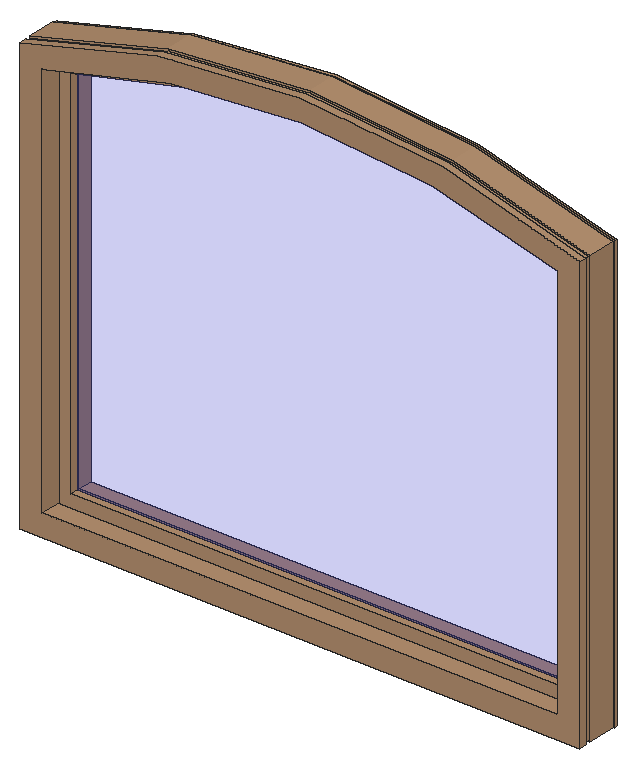
Revit family "WWW_A3-WTI-Flat-Arch-0966-FAA2", category Windows, host Wall, Revit 2016
Family settings
  Host = Wall
  Always vertical = Yes
  Cut with Voids When Loaded = No
  Shared = No
  Room Calculation Point = No
Parameters (values of type "0966 x 1116 FAA2")
  URL = "www.acdoors.co.za"
  Type Comments = "Series iv Frame Profile"
  RHS [instance] = yes
  Model = "Flat Arch"
  Manufacturer Code = "FAA2"
  Manufacturer = "AC Shopfitters (Windows)"
  LHS [instance] = not(RHS)  # no
  Height = 966 mm
  Head Height = 2300 mm
  Frame Material = Wood- Timber
  Default Sill Height = (Head Height) - Height  # 1334 mm
  Wall Closure = By host
  Width = 1116 mm
  Assembly Code = "B2020130"
  Arch Radii [instance] = Width / 2  # 558 mm
Types (3, lengths in mm): name | Width | Arch Radii
  (no name) | 1116 | 558
  0966 x 0580 FAA2 | 580 | 290
  0966 x 1116 FAA2 | 1116 | 558
Reference planes
  plane 1 "CL": y = 0
  plane 2 "Center (Left/Right)": x = 0
  plane 3 "Left": x = -558
  plane 4 "Right": x = 558
  plane 5 "Sill": z = 1334
  plane 6 "Head": z = 2300
  plane 7 "Exterior": y = 75
  plane 8 "Interior": y = -75
  plane 9: z = 1978
  plane 10: z = 1656
  plane 11: x = -22
  plane 12: x = 22
Forms (mm)
  Sweep 1, solid, material "Wood- Timber" <- "Frame Material", detail levels medium+fine
    path origin (0, 0, 0) x (1, 0, 0) y (0, 0, 1)
      loop
        line (558, 1334) -> (558, 2202.083)
        arc (558, 2202.083) -> (0, 2300.032) -> (-558, 2202.083) r 1638.396
        line (-558, 2202.083) -> (-558, 1334) -> (558, 1334)
    profile "AC 90 x 44 IV : AC 90 x 44 iv" origin (558, 0, 1768.042) x (-1, 0, 0) y (0, -1, 0)
      loop
        line (44, 50.2) -> (0, 50.2) -> (0, 35.2) -> (2.991, 35.2) -> (2.991, 25.2) -> (0, 25.2) -> (0, -31.778) -> (2.991, -31.778) -> (2.991, -34.8) -> (0, -34.8) -> (0, -39.8) -> (24, -39.8) -> (32.38, 10.2) -> (44, 10.2) -> (44, 50.2)
  Sweep 2, solid, material "Wood- Timber" <- "Frame Material", detail levels medium+fine
    path origin (670, 0, 0) x (1, 0, 0) y (0, 0, 1)
      loop
        arc (-144.38, 2179.203) -> (-670, 2267.652) -> (-1195.62, 2179.203) r 1606.016
        line (-1195.62, 2179.203) -> (-1195.62, 1366.38) -> (-144.38, 1366.38) -> (-144.38, 2179.203)
    profile "AC 50 x 44 Base iv : AC 50 x 44 Base" origin (525.62, 0, 1772.792) x (1, 0, 0) y (0, -1, 0)
      loop
        line (0, 10.183) -> (-35.62, 10.183) -> (-35.62, -6.817) -> (-30.62, -6.817) -> (-30.62, -9.817) -> (-35.62, -9.817) -> (-35.62, -39.817) -> (-30.62, -39.817) -> (-30.62, -34.817) -> (-25.62, -34.817) -> (-25.62, -39.817) -> (-1.62, -39.817) -> (-1.62, -49.817) -> (8.38, -49.817) -> (8.38, -46.817) -> (6.349, -46.817) -> (6.349, -44.817) -> (8.38, -44.817) -> (8.38, -39.817) -> (0, 10.183)
  Extrusion 3, solid, material "Glass", detail levels medium+fine
    sketch origin (670, 0, 0) x (1, 0, 0) y (0, 0, 1)
      loop
        arc (-175, 2157.245) -> (-670, 2237.032) -> (-1165, 2157.245) r 1575.396
        line (-1165, 2157.245) -> (-1165, 1397) -> (-175, 1397) -> (-175, 2157.245)
    from -6.817 to -9.817
Lines and regions (mm)
  Opening 1
    outline origin (3500, -75, 0) x (1, 0, 0) y (0, 0, 1)
      loop
        line (-2942, 1334) -> (-2942, 2202.083)
        arc (-2942, 2202.083) -> (-3211.702, 2274.468) -> (-3489.779, 2300) r 1638.396
        arc (-3489.779, 2300) -> (-3778.231, 2276.235) -> (-4058, 2202.083) r 1638.396
        line (-4058, 2202.083) -> (-4058, 1334) -> (-2942, 1334)
  symbolic lines, style "Elevation Swing", visible <- "RHS"
    curve 1: line (534, 0, 2185.158) -> (-524, 0, 1820.025)
    curve 2: line (-524, 0, 1820.025) -> (524, 0, 1368)
  symbolic lines, style "Elevation Swing", visible <- "LHS"
    curve 3: line (-524, 0, 1368) -> (524, 0, 1820.025)
    curve 4: line (-524, 0, 2178.05) -> (524, 0, 1820.025)
Text (mm)
  text "EXTERIOR" at (-1963.203, 1332.353, 0), in view "Ref. Level"
  text "INTERIOR" at (-1981.466, -818.386, 0), in view "Ref. Level"
  text "Exterior" at (0, 923.751, 2943.296), in view "Right"
  text "Exterior" at (0, 1040.484, 2685.409), in view "Left"
Dimensions and locks
  equal spacing: plane 3 "Left", plane 2 "Center (Left/Right)", plane 4 "Right"
  "Width": plane 3 "Left" to plane 4 "Right"
  "Height": plane 5 "Sill" to plane 6 "Head"
  locked: plane 7 "Exterior" to host wall at 0
  locked: plane 8 "Interior" to host wall
  "Head Height": plane 6 "Head" to level
  equal spacing: plane 6 "Head", plane 9, plane 10, plane 5 "Sill"
  locked: plane 3 "Left" to plane 12 at 580
  locked: plane 11 to plane 4 "Right" at 580
  aligned and locked: Sweep 1 sketch curve to host wall  (x3)
  aligned and locked: host wall to Sweep 1 sketch curve
  aligned and locked: Sweep 2 to Extrusion 3
  aligned and locked: Extrusion 3 to Sweep 2  (x2)
  aligned and locked: Sweep 2 sketch curve to Sweep 1  (x4)
  aligned and locked: Sweep 2 to Extrusion 3 sketch curve  (x2)
  aligned and locked: plane 6 "Head" to Opening 1 sketch curve
  aligned and locked: Extrusion 3 sketch curve to Sweep 2  (x2)
  aligned and locked: plane 5 "Sill" to Sweep 1 sketch curve
  aligned and locked: curve 1 to Sweep 2
  aligned and locked: Sweep 2 to curve 4
  aligned and locked: Sweep 2 to curve 2  (x2)
  aligned and locked: curve 2 to Sweep 2
  aligned and locked: curve 3 to Sweep 2  (x3)
Automatic sketch dimensions
  Opening 1 sketch curve to plane 3 "Left" = 0 mm
  Opening 1 sketch curve to plane 4 "Right" = 0 mm
  Opening 1 sketch curve to plane 5 "Sill" = 0 mm
  plane 6 "Head" to Opening 1 sketch curve = 97.917 mm
  Opening 1 sketch curve to plane 2 "Center (Left/Right)" = 0 mm
  Opening 1 sketch curve to Opening 1 sketch curve = 0 mm  (x2)
  plane 2 "Center (Left/Right)" to Opening 1 sketch curve = 10.221 mm
  plane 10 to curve 2 = 164.025 mm
  plane 10 to curve 3 = 164.025 mm
  plane 6 "Head" to curve 4 = 121.95 mm
  plane 6 "Head" to curve 1 = 114.842 mm
